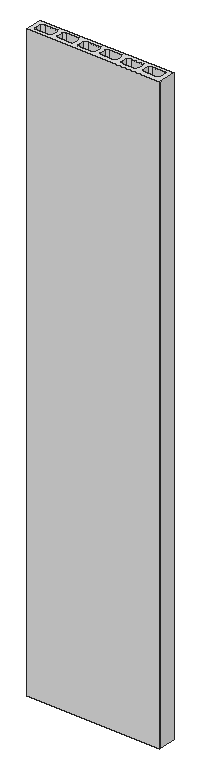
Revit family "ECP_MNLK-6045S5K", category Generic Models, Revit 2022
Family settings
  Can host rebar = No
  Round Connector Dimension = Use Diameter
  Part Type = Normal
  Work Plane-Based = No
  Always vertical = Yes
  Cut with Voids When Loaded = Yes
  Maintain Annotation Orientation = No
  Shared = No
  Room Calculation Point = No
Parameters (values of type "ECP_MNLK-6045S5K")
  長さ [instance] = 2000 mm
  穴表示 = yes
  材質 = 40Msr_ECP
  Default Elevation = 0 mm
  既存長さ = 460 mm
  幅 [instance] = 450 mm
  固定寸法 = 450 mm
  厚さ = 60 mm
  メースカット非表示 = yes
  メースカット [instance] = 既存長さ - 幅 - 10 mm  # 0 mm
  オースカット非表示 = no
  オースカット = 0 mm
Reference planes
  plane 1 "中心(正面/背面)": y = 0
  plane 2: z = 0
  plane 3 "中心(左/右)": x = 0
  plane 4: y = -30
  plane 5: y = 30
  plane 6: z = 2000
  plane 7: x = 450
Forms (mm)
  Extrusion 1, solid, material "40Msr_ECP" <- "材質", detail levels fine
    sketch origin (0, 0, 0) x (1, 0, 0) y (0, 1, 0)
      loop
        line (0, -28) -> (2, -30) -> (448, -30) -> (450, -28) -> (450, 28) -> (448, 30) -> (2, 30) -> (0, 28) -> (0, -28)
    from 0 to 2000
  Extrusion 2, void
    sketch origin (-50, 0, 0) x (1, 0, 0) y (0, 1, 0)
      loop
        line (500, -30) -> (510, -30) -> (510, 30) -> (500, 30) -> (500, -30)
    from 0 to 2000
  Extrusion 3, void
    sketch origin (-617, 0, 0) x (1, 0, 0) y (0, 1, 0)
      loop
        line (641, -17) -> (683, -17) -> (691, -9) -> (691, 9)
        arc (691, 9) -> (688.657, 14.657) -> (683, 17) r 8
        line (683, 17) -> (641, 17)
        arc (641, 17) -> (635.343, 14.657) -> (633, 9) r 8
        line (633, 9) -> (633, -9)
        arc (633, -9) -> (635.343, -14.657) -> (641, -17) r 8
      loop
        line (713, -17) -> (755, -17)
        arc (755, -17) -> (760.657, -14.657) -> (763, -9) r 8
        line (763, -9) -> (763, 9) -> (755, 17) -> (713, 17)
        arc (713, 17) -> (707.343, 14.657) -> (705, 9) r 8
        line (705, 9) -> (705, -9) -> (713, -17)
      loop
        line (785, -17) -> (827, -17) -> (835, -9) -> (835, 9)
        arc (835, 9) -> (832.657, 14.657) -> (827, 17) r 8
        line (827, 17) -> (785, 17) -> (777, 9) -> (777, -9)
        arc (777, -9) -> (779.343, -14.657) -> (785, -17) r 8
      loop
        line (857, -17) -> (899, -17)
        arc (899, -17) -> (904.657, -14.657) -> (907, -9) r 8
        line (907, -9) -> (907, 9) -> (899, 17) -> (857, 17)
        arc (857, 17) -> (851.343, 14.657) -> (849, 9) r 8
        line (849, 9) -> (849, -9) -> (857, -17)
      loop
        line (929, 17) -> (921, 9) -> (921, -9)
        arc (921, -9) -> (923.343, -14.657) -> (929, -17) r 8
        line (929, -17) -> (971, -17) -> (979, -9) -> (979, 9)
        arc (979, 9) -> (976.657, 14.657) -> (971, 17) r 8
        line (971, 17) -> (929, 17)
      loop
        arc (1001, 17) -> (995.343, 14.657) -> (993, 9) r 8
        line (993, 9) -> (993, -9) -> (1001, -17) -> (1043, -17)
        arc (1043, -17) -> (1048.657, -14.657) -> (1051, -9) r 8
        line (1051, -9) -> (1051, 9)
        arc (1051, 9) -> (1048.657, 14.657) -> (1043, 17) r 8
        line (1043, 17) -> (1001, 17)
    from 0 to 2000
Cuts and joins
  Extrusion 2, Extrusion 3 cuts Extrusion 1
Lines and regions (mm)
  symbolic lines, style "ECPパネル", detail levels coarse+medium
    curve 1: line (0, 30, 0) -> (450, 30, 0)
    curve 2: line (0, -30, 0) -> (0, 30, 0)
    curve 3: line (450, -30, 0) -> (0, -30, 0)
    curve 4: line (450, 30, 0) -> (450, -30, 0)
    curve 5: line (0, 0, 0) -> (450, 0, 0)
    curve 6: line (0, 0, 2000) -> (0, 0, 0)
    curve 7: line (450, 0, 2000) -> (0, 0, 2000)
    curve 8: line (450, 0, 0) -> (450, 0, 2000)
    curve 9: line (0, -30, 2000) -> (0, 30, 2000)
    curve 10: line (0, -30, 0) -> (0, -30, 2000)
    curve 11: line (0, 30, 0) -> (0, -30, 0)
    curve 12: line (0, 30, 2000) -> (0, 30, 0)
  model lines, detail levels coarse+medium
    curve 13: line (0, 8, 0) -> (0, -8, 0)
Dimensions and locks
  "厚さ": plane 4 to plane 5
  "長さ": plane 6 to level
  equal spacing: plane 4, plane 1 "中心(正面/背面)", plane 5
  "既存長さ": plane 3 "中心(左/右)" to Extrusion 2
  "既存長さ": plane 3 "中心(左/右)" to Extrusion 2 sketch curve
  "長さ": cut or joined group of Extrusion 1, Extrusion 2, Extrusion 3 to level
  "長さ": Extrusion 2 to level
  "幅": cut or joined group of Extrusion 1, Extrusion 2, Extrusion 3 to curve 8
  "長さ": level to Extrusion 3
  "幅": plane 3 "中心(左/右)" to plane 7
  "メースカット": Extrusion 2 sketch curve to cut or joined group of Extrusion 1, Extrusion 2, Extrusion 3
  "固定寸法": plane 3 "中心(左/右)" to cut or joined group of Extrusion 1, Extrusion 2, Extrusion 3
  aligned and locked: level to plane 2
Automatic sketch dimensions
  curve 11 to level = 0 mm
  curve 11 to plane 4 = 0 mm
  curve 11 to plane 5 = 0 mm
  curve 10 to plane 6 = 0 mm
  curve 7 to plane 3 "中心(左/右)" = 0 mm
  curve 7 to plane 6 = 0 mm
  curve 8 to level = 0 mm
  plane 5 to Extrusion 1 sketch curve = 0 mm
  plane 4 to Extrusion 1 sketch curve = 0 mm
  plane 3 "中心(左/右)" to Extrusion 1 sketch curve = 2 mm  (x2)
  Extrusion 1 sketch curve to Extrusion 1 sketch curve = 2 mm
  Extrusion 1 sketch curve to plane 4 = 2 mm  (x2)
  plane 5 to Extrusion 1 sketch curve = 2 mm  (x2)
  Extrusion 1 sketch curve to plane 3 "中心(左/右)" = 0 mm
  Extrusion 1 sketch curve to Extrusion 1 sketch curve = 446 mm
  Extrusion 1 sketch curve to Extrusion 1 sketch curve = 0 mm
  plane 4 to Extrusion 2 sketch curve = 0 mm
  plane 5 to Extrusion 2 sketch curve = 0 mm
  Extrusion 3 sketch curve to plane 1 "中心(正面/背面)" = 9 mm  (x9)
  plane 3 "中心(左/右)" to Extrusion 3 sketch curve = 16 mm
  Extrusion 3 sketch curve to Extrusion 3 sketch curve = 8 mm  (x17)
  Extrusion 3 sketch curve to Extrusion 3 sketch curve = 42 mm  (x6)
  plane 1 "中心(正面/背面)" to Extrusion 3 sketch curve = 9 mm  (x10)
  Extrusion 3 sketch curve to Extrusion 3 sketch curve = 14 mm  (x5)
  Extrusion 3 sketch curve to Extrusion 3 sketch curve = 0 mm  (x3)
  plane 5 to Extrusion 3 sketch curve = 13 mm  (x3)
  Extrusion 3 sketch curve to plane 4 = 13 mm  (x4)
  curve 1 to plane 3 "中心(左/右)" = 0 mm
  curve 13 to plane 3 "中心(左/右)" = 0 mm
  plane 4 to curve 4 = 0 mm
  curve 4 to plane 7 = 0 mm
  plane 5 to curve 1 = 0 mm
  plane 1 "中心(正面/背面)" to curve 13 = 8 mm
  curve 13 to plane 1 "中心(正面/背面)" = 8 mm
